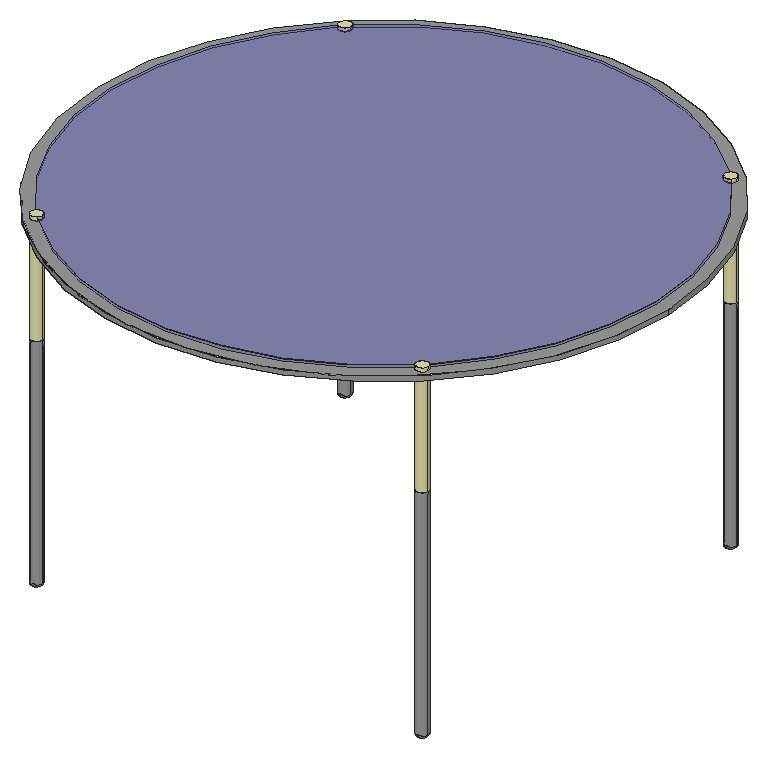
Revit family "ERA Table 60", category Arredi, Revit 2015
Parameters
  URL = "http://www.livingdivani.it"
  Modello = "ERA Table"
  Mat. Piano 2 = Vetro
  Mat. Piano 1 = Satinato
  Mat. Opaco = Liscia - Nero
  Mat. Metallico = Ottone
  Produttore = "LivingDivani"
  Codice Prodotto = "ERAV060R"
Reference planes (cm)
  plane 1 "Centro (Fronte/Retro)": y = 0
  plane 2: z = 0
  plane 3 "Centro (Sinistra/Destra)": x = 0
  plane 4 "laterale superiore": y = 20.3293
  plane 5 "sopra piano appoggio": z = 35
  plane 6 "sotto piano appoggio": z = 34.2
  plane 7 "laterale sx 1": x = -20.3293
  plane 8 "laterale dx 1": x = 20.3293
  plane 9 "laterale inferiore": y = -20.3293
Forms (cm)
  Extrusion 1, solid, material "Satinato" <- "Mat. Piano 1"
    sketch origin (0, 0, 34.2) x (-1, 0, 0) y (0, -1, 0)
      loop
        circle (0, 0) r 30
    from 0 to 0.5
  Extrusion 2, solid, material "Vetro" <- "Mat. Piano 2"
    sketch origin (0, 0, 35) x (-1, 0, 0) y (0, -1, 0)
      loop
        arc (20.7664, -19.8826) -> (28.75, 0) -> (20.7664, 19.8826) r 28.75
        arc (20.7664, 19.8826) -> (19.8874, 19.8874) -> (19.8826, 20.7664) r 0.625
        arc (19.8826, 20.7664) -> (0, 28.75) -> (-19.8826, 20.7664) r 28.75
        arc (-19.8826, 20.7664) -> (-19.8874, 19.8874) -> (-20.7664, 19.8826) r 0.625
        arc (-20.7664, 19.8826) -> (-28.75, 0) -> (-20.7664, -19.8826) r 28.75
        arc (-20.7664, -19.8826) -> (-19.8874, -19.8874) -> (-19.8826, -20.7664) r 0.625
        arc (-19.8826, -20.7664) -> (0, -28.75) -> (19.8826, -20.7664) r 28.75
        arc (19.8826, -20.7664) -> (19.8874, -19.8874) -> (20.7664, -19.8826) r 0.625
    from -0.3 to 0
Dimensions and locks (cm)
  aligned and locked: level to plane 2
Nested families (cm)
  nested 1: "piede tavolo" at (20.3293, 20.3293, 0), type "h 35cm"
  nested 2: "piede tavolo" at (-20.3293, 20.3293, 0), type "h 35cm"
  nested 3: "piede tavolo" at (-20.3293, -20.3293, 0), type "h 35cm"
  nested 4: "piede tavolo" at (20.3293, -20.3293, 0), type "h 35cm"
Definition of nested family "piede tavolo"
  Parameters (values of type "h 23cm")
    h3 = h0 - 0.3 cm  # 21.9 cm
    h2 = 10.9 cm
    h1 = h0 - h2 - 0.4 cm  # 10.9 cm
    h0 = h tot - 0.8 cm  # 22.2 cm
    h tot = 23 cm
    Mat. Opaco = none
    Mat. Metallico = none
  Types (5, lengths in cm): name | h3 | h1 | h0 | h tot
    (no name) | 21.9 | 10.9 | 22.2 | 23
    h 23cm | 21.9 | 10.9 | 22.2 | 23
    h 35cm | 33.9 | 22.9 | 34.2 | 35
    h 45cm | 43.9 | 32.9 | 44.2 | 45
    h 50cm | 48.9 | 37.9 | 49.2 | 50
  Reference planes (cm)
    plane 1 "Centro (Fronte/Retro)": y = 0
    plane 2: z = 0
    plane 3 "Centro (Sinistra/Destra)": x = 0
    plane 4 "sopra piano appoggio": z = 23
    plane 5 "sotto piano appoggio": z = 22.2
  Forms (cm)
    Extrusion 1, solid, material <- "Mat. Metallico"
      sketch origin (0, 58.75, 23) x (-1, 0, 0) y (0, -1, 0)
        loop
          circle (0, 58.75) r 0.6
      from -0.3 to 0
    Extrusion 2, solid, material <- "Mat. Metallico"
      sketch origin (0, 0, 22.2) x (-1, 0, 0) y (0, -1, 0)
        loop
          circle (0, 0) r 0.55
      from 0 to -21.9
    Extrusion 3, solid, material <- "Mat. Opaco"
      sketch origin (0, 58.75, 0) x (1, 0, 0) y (0, 1, 0)
        loop
          circle (0, -58.75) r 0.6
      from 0 to 0.3
    Revolve 4, void
      sketch origin (0, 58.75, 0) x (0, 1, 0) y (0, 0, 1)
        loop
          line (-59.35, 0) -> (-59.05, 0)
          arc (-59.05, 0) -> (-59.2621, 0.0879) -> (-59.35, 0.3) r 0.3
          line (-59.35, 0.3) -> (-59.35, 0)
        axis (-58.75, 0) -> (-58.75, 0.3)
      angle from 0 to 360
    Extrusion 5, solid, material <- "Mat. Opaco"
      sketch origin (0, 58.75, 0) x (1, 0, 0) y (0, 1, 0)
        loop
          circle (0, -58.75) r 0.6
        loop
          circle (0, -58.75) r 0.55
      from 0.3 to 11.2
    Extrusion 6, solid, material <- "Mat. Metallico"
      sketch origin (0, 58.75, 0) x (1, 0, 0) y (0, 1, 0)
        loop
          circle (0, -58.75) r 0.6
        loop
          circle (0, -58.75) r 0.55
      from 11.3 to 22.2
  Cuts and joins
    Revolve 4 cuts Extrusion 3
    joined: Extrusion 2, Extrusion 6
  Dimensions and locks (cm)
    "h tot": plane 4 "sopra piano appoggio" to level
    "h0": plane 5 "sotto piano appoggio" to level
    "h1": Extrusion 5 to Extrusion 5
    "h2": plane 5 "sotto piano appoggio" to Extrusion 6
    "h3": plane 5 "sotto piano appoggio" to Extrusion 2
    aligned and locked: level to plane 2
    aligned and locked: plane 4 "sopra piano appoggio" to Extrusion 1
    aligned and locked: plane 5 "sotto piano appoggio" to Extrusion 2
    aligned and locked: plane 5 "sotto piano appoggio" to Extrusion 6
  Automatic sketch dimensions
    plane 1 "Centro (Fronte/Retro)" to Extrusion 1 sketch curve = 0 cm
    Extrusion 1 sketch curve to plane 3 "Centro (Sinistra/Destra)" = 0 cm
    plane 1 "Centro (Fronte/Retro)" to Extrusion 2 sketch curve = 0 cm
    Extrusion 2 sketch curve to plane 3 "Centro (Sinistra/Destra)" = 0 cm
    plane 1 "Centro (Fronte/Retro)" to Extrusion 3 sketch curve = 0 cm
    Extrusion 3 sketch curve to plane 3 "Centro (Sinistra/Destra)" = 0 cm
    Revolve 4 sketch curve to level = 0 cm  (x2)
    Revolve 4 sketch curve to plane 1 "Centro (Fronte/Retro)" = 0 cm
    plane 1 "Centro (Fronte/Retro)" to Revolve 4 sketch curve = 0.3 cm
    Revolve 4 sketch curve to Revolve 4 sketch curve = 0.3 cm
    Revolve 4 sketch curve to Revolve 4 sketch curve = 0.5061 cm
    Extrusion 5 sketch curve to Extrusion 5 sketch curve = 0 cm  (x2)
    plane 1 "Centro (Fronte/Retro)" to Extrusion 5 sketch curve = 0 cm
    Extrusion 5 sketch curve to plane 3 "Centro (Sinistra/Destra)" = 0 cm
    Extrusion 6 sketch curve to Extrusion 6 sketch curve = 0 cm  (x2)
    plane 1 "Centro (Fronte/Retro)" to Extrusion 6 sketch curve = 0 cm
    Extrusion 6 sketch curve to plane 3 "Centro (Sinistra/Destra)" = 0 cm
    radius of Extrusion 1 sketch curve = 0.6 cm
    radius of Extrusion 2 sketch curve = 0.55 cm
    radius of Extrusion 3 sketch curve = 0.6 cm
    radius of Extrusion 5 sketch curve = 0.6 cm
    radius of Extrusion 5 sketch curve = 0.55 cm
    radius of Extrusion 6 sketch curve = 0.6 cm
    radius of Extrusion 6 sketch curve = 0.55 cm
